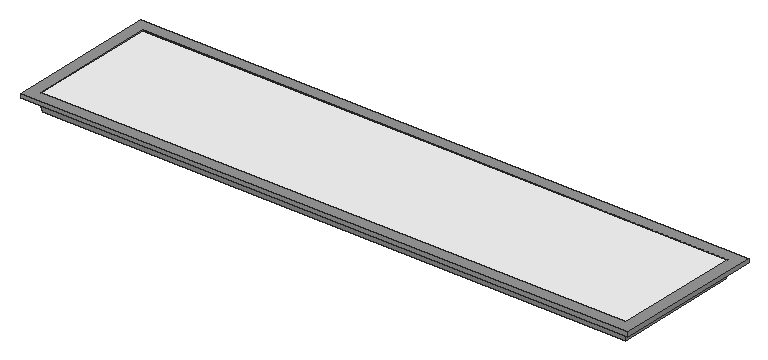
Revit family "0047071", category Lighting Fixtures, host Face, Revit 2017
Family settings
  Host = Face
  Round Connector Dimension = Use Diameter
  Part Type = Normal
  OmniClass Number = 23.80.70.00
  OmniClass Title = Lighting
  Cut with Voids When Loaded = No
  Light Source = Yes
  Shared = No
  Room Calculation Point = No
Parameters (values of type "0047071 START ECO PANEL 1200X300 3200LM 830")
  Width01_SYL = 295 mm
  Weight = "2.45 kg"
  Wattage Comments = ""
  Wattage = 36 W
  WarrantyStartDate [instance] = "n/a"
  WarrantyGuarantorParts = "n/a"
  WarrantyDurationUnit = "n/a"
  WarrantyDurationParts = "n/a"
  WarrantyDescription = "n/a"
  built-in parameter 1150110 = 1 (stored number, unit not read)
  Voltage = 0 V
  URL = "http://www.sylvania-lighting.com"
  TypeName = "START eco Panel 1200x300 3200Lm 830"
  Type Image = <None>
  Type Comments = "n/a"
  built-in parameter 1114217 = 1 (stored number, unit not read)
  Tilt Angle = -90.00°
  built-in parameter 1150109 = 1 (stored number, unit not read)
  built-in parameter 1150134 = (empty or 0)
  built-in parameter 1150113 = 1 (stored number, unit not read)
  SerialNumber [instance] = "n/a"
  Photometric Web File = "0047071.ies"
  Material_3_SYL = none
  PowerFactor = 0.95
  PowerConsumption = "36 W"
  NominalLength = 1200 mm
  NominalHeight = 34 mm
  NominalDepth = 300 mm
  Name = "START eco Panel 1200x300 3200Lm 830"
  ModelReference = Name  # "START eco Panel 1200x300 3200Lm 830"
  ModelNumber = "0047071"
  Model = Name  # "START eco Panel 1200x300 3200Lm 830"
  Material = "aluminium,steel housing, other diffuser"
  ManufacturerName = "Feilo Sylvania"
  Manufacturer = "Feilo Sylvania"
  LuminousEfficacy = "89 lm/W"
  built-in parameter 1150105 = 254.97 (stored number, unit not read)
  Lumens = 3204 lm
  LuminaireType = ""
  built-in parameter 1150115 = 1 (stored number, unit not read)
  LumArea_SYL = 551 mm
  LumAreaW_SYL = 251 mm
  LumAreaL_SYL = 1151 mm
  LightOutputRatio = "n/a"
  built-in parameter 1150137 = (empty or 0)
  built-in parameter 1150139 = (empty or 0)
  Length01_SYL = 1195 mm
  LampsType = Lamp  # "LED"
  LampNominalLuminous = "3200 lm"
  LampMacAdamStep = "6"
  LampColourTemperature = "3000 K"
  LampColourRenderingIndex = "80"
  built-in parameter 1150112 = 1 (stored number, unit not read)
  built-in parameter 1150114 = 1 (stored number, unit not read)
  Lamp = "LED"
  Keynote = "16500"
  InstallationDate [instance] = "n/a"
  InputVoltage = "n/a"
  InputNominalFrequency = "n/a"
  built-in parameter 1150132 = (empty or 0)
  built-in parameter 1150102 = (empty or 0)
  built-in parameter 1150107 = 3000 (stored number, unit not read)
  built-in parameter 1150138 = (empty or 0)
  IngressProtection = "IP40/20"
  ImpactProtectionIndex = "IK02"
  built-in parameter 1150106 = 2.5497 (stored number, unit not read)
  IfcExportType = "IfcLightFixtureType"
  IfcExportAs = "IfcLightFixtureType"
  Emit from Rectangle Width = 553 mm
  Emit from Rectangle Length = 553 mm
  Emit Shape Visible in Rendering = no
  ElectricShockClassification = "Class II"
  built-in parameter 1150104 = 8.2684 (stored number, unit not read)
  DocumentationLiterature = "http://www.sylvania-lighting.com/product/en-int/products/0047071"
  DimmingControlOptions = "n/a"
  Material_2_SYL = LED
  Dimming Lamp Color Temperature Shift = <None>
  Description = ""
  Default Elevation = 1219.2 mm
  CreatedOn = "2/19/2020"
  CreatedBy = "@sylvania-lighting.com"
  Cost = 0
  Color Filter = 16777215
  built-in parameter 1114216 [instance] = (empty or 0)
  ClassificationValue = "EF_70_80"
  ClassificationName = "Uniclass2015"
  Material_1_SYL = PC/ABS Plastic
  BarCode [instance] = "n/a"
  built-in parameter 1114218 = 1 (stored number, unit not read)
  built-in parameter 1150133 = 10 (stored number, unit not read)
  AssetType = "Fixed"
  AssetIdentifier [instance] = "n/a"
  Assembly Code = "D5020200"
  Area-xW_SYL = LumAreaW_SYL - 5 mm  # 246 mm
  Area-xL_SYL = LumAreaL_SYL - 5 mm  # 1146 mm
  Area+xW_SYL = LumAreaW_SYL + 5 mm  # 256 mm
  Area+xL_SYL = LumAreaL_SYL + 5 mm  # 1156 mm
  Apparent Load = 36 VA
  Material_4_SYL = none
Reference planes
  plane 1 "Center (Front/Back)": y = 0
  plane 2: z = 0
  plane 3 "Center (Left/Right)": x = 0
  plane 4: z = 8
  plane 5: z = -26
  plane 6: z = -56
  plane 7: x = 597.5
  plane 8: x = -597.5
  plane 9: y = 147.5
  plane 10: y = -147.5
  plane 11: y = 128
  plane 12: y = -128
  plane 13: x = -578
  plane 14: x = 578
  plane 15: x = -575.5
  plane 16: x = 575.5
  plane 17: y = -125.5
  plane 18: y = 125.5
  plane 19: x = 573
  plane 20: x = -573
  plane 21: y = -123
  plane 22: y = 123
  plane 23: z = 7
  plane 24: z = -100
Forms (mm)
  Extrusion 1, void
    sketch origin (0, 0, 0) x (1, 0, 0) y (0, 1, 0)
      loop
        line (-575.5, 125.5) -> (-575.5, -125.5) -> (575.5, -125.5) -> (575.5, 125.5) -> (-575.5, 125.5)
    from 0 to -100
  Extrusion 2, solid, material "PC/ABS Plastic" <- "Material_1_SYL"
    sketch origin (0, 0, 0) x (1, 0, 0) y (0, 1, 0)
      loop
        line (-597.5, -147.5) -> (597.5, -147.5) -> (597.5, 147.5) -> (-597.5, 147.5) -> (-597.5, -147.5)
    from 0 to 8
  Extrusion 3, void
    sketch origin (1223.4, -4572, 8) x (-1, 0, 0) y (0, -1, 0)
      loop
        line (1798.9, -4697.5) -> (1798.9, -4446.5) -> (647.9, -4446.5) -> (647.9, -4697.5) -> (1798.9, -4697.5)
    from 0 to -1
  Blend 4, solid, material "PC/ABS Plastic" <- "Material_1_SYL"
    base sketch origin (0, 0, 0) x (1, 0, 0) y (0, 1, 0)
      loop
        line (-578, -128) -> (578, -128) -> (578, 128) -> (-578, 128) -> (-578, -128)
    top sketch origin (0, 0, 0) x (1, 0, 0) y (0, 1, 0)
      loop
        line (-573, -123) -> (573, -123) -> (573, 123) -> (-573, 123) -> (-573, -123)
    from 0 to -26
Cuts and joins
  Extrusion 3 cuts Extrusion 2
Dimensions and locks
  equal spacing: plane 8, plane 3 "Center (Left/Right)", plane 7
  "Length01_SYL": plane 8 to plane 7
  equal spacing: plane 10, plane 1 "Center (Front/Back)", plane 9
  "Width01_SYL": plane 10 to plane 9
  equal spacing: plane 13, plane 3 "Center (Left/Right)", plane 14
  "Area+xL_SYL": plane 13 to plane 14
  equal spacing: plane 12, plane 1 "Center (Front/Back)", plane 11
  "Area+xW_SYL": plane 12 to plane 11
  equal spacing: plane 17, plane 1 "Center (Front/Back)", plane 18
  "LumAreaW_SYL": plane 17 to plane 18
  equal spacing: plane 15, plane 3 "Center (Left/Right)", plane 16
  "LumAreaL_SYL": plane 15 to plane 16
  equal spacing: plane 21, plane 1 "Center (Front/Back)", plane 22
  "Area-xW_SYL": plane 21 to plane 22
  equal spacing: plane 20, plane 3 "Center (Left/Right)", plane 19
  "Area-xL_SYL": plane 20 to plane 19
  locked: plane 4 to plane 23 at 1
  locked: plane 4 to plane 2 at 8
  plane 2 to plane 5 to plane 6 = 26 mm locked, 30 mm locked
  locked: plane 2 to plane 24 at 100
  aligned and locked: plane 2 to host face
  aligned and locked: level to host face
  aligned and locked: plane 18 to Extrusion 1 sketch curve
  aligned and locked: plane 15 to Extrusion 1 sketch curve
  aligned and locked: Extrusion 1 sketch curve to plane 17
  aligned and locked: Extrusion 1 sketch curve to plane 16
  aligned and locked: level to Extrusion 1
  aligned and locked: plane 10 to Extrusion 2 sketch curve
  aligned and locked: Extrusion 2 sketch curve to plane 8
  aligned and locked: Extrusion 2 sketch curve to plane 9
  aligned and locked: plane 7 to Extrusion 2 sketch curve
  aligned and locked: Extrusion 2 to level
  aligned and locked: Extrusion 2 to plane 4
  aligned and locked: plane 23 to Extrusion 3
  aligned and locked: Extrusion 3 to plane 4
  aligned and locked: plane 21 to Blend 4 sketch curve
  aligned and locked: Blend 4 sketch curve to plane 20
  aligned and locked: Blend 4 sketch curve to plane 22
  aligned and locked: plane 19 to Blend 4 sketch curve
  aligned and locked: plane 5 to Blend 4
  aligned and locked: level to Blend 4
  aligned and locked: Extrusion 1 to plane 24
  aligned and locked: imposter light to plane 23
  aligned and locked: plane 3 "Center (Left/Right)" to imposter light
  aligned and locked: imposter light to plane 1 "Center (Front/Back)"
  aligned and locked: plane 18 to Extrusion 3 sketch curve
  aligned and locked: Extrusion 3 sketch curve to plane 16
  aligned and locked: Extrusion 3 sketch curve to plane 17
  aligned and locked: plane 15 to Extrusion 3 sketch curve
  aligned and locked: plane 14 to Blend 4 sketch curve
  aligned and locked: plane 12 to Blend 4 sketch curve
  aligned and locked: Blend 4 sketch curve to plane 13
  aligned and locked: Blend 4 sketch curve to plane 11
Automatic sketch dimensions
  host sketch curve to host sketch curve = 800 mm  (x2)
